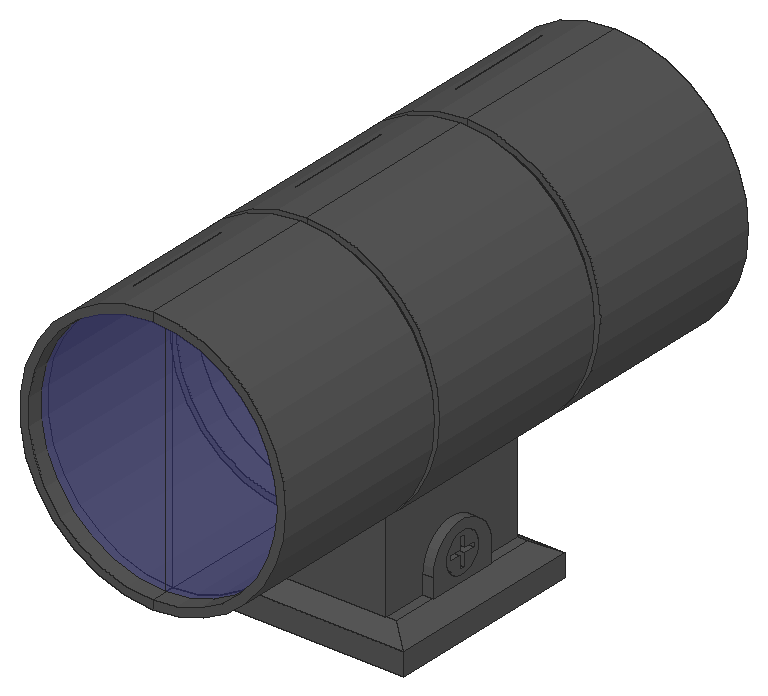
Revit family "CARLO CYLINDER LIGHT WALL MOUNT", category Lighting Fixtures, host Face, Revit 2020 (continued)
Types (10): name | Wattage_Input | Wattage Comments | Wattage | Photometric Web File | built-in parameter 1150142 | Model | built-in parameter 1150105 | Lumens | Light Length 1 | LIGHT RADIUS | LIGHT PLACEMENT | LIGHT LENGTH | LIGHT DIA | built-in parameter 1150106 | FIXED END HEIGHT | Curve base Height | Base Curve | BEAMING ANGLE | Apparent Load
    53 13.325 13.918 14.491 15.078 15.697 16.353 17.056 17.812 18.664 \r\n 19.51 20.071 20.922 22.581 24.941 28.003 31.968 36.099 43.197 56.036 \r\n 73.962 98.4 125.89 152.95 181.09 211.08 241.69 272.07 301.76 330.03 \r\n 356.85 382.56 405.36 423.62 437.25 444.41 448.78 453.66 458.25 463.08 \r\n 467.49 470.72 473.57 476.63 479.76 483.05 486.47 489.92 493.66 497.86 \r\n 502.73 508.42 515.27 523.59 533.58 545.31 559.47 576.41 597.13 622.8 \r\n 653.21 688.89 728.76 771.97 818.32 867.39 918.95 972.57 1028.4 1087 \r\n 1146.9 1207 1266.6 1324.1 1380.9 1438.4 1495.2 1550 1603.4 1655.5 \r\n 1706.4 1756.5 1805.1 1851.1 1896.4 1942.7 1989.2 2036.1 2081.9 2124.8 \r\n 2165.4 2203.8 2239.4 2271.5 2300.6 2327.3 2350.7 2370.1 2385.7 2397.2 \r\n 2405.3 2410.4 2413.5 2415.2 2416.1 2416.9 2417.5 2418.1 2418.5 2418.6 \r\n 2421.2 \r\n2410.7 2420.6 2421.6 2422.4 2423 2423.5 2423.7 2423.6 2422.8 2420.9 \r\n 2417.7 2413.1 2406 2395.1 2380.6 2361.8 2339.4 2314.4 2286 2253.6 \r\n 2218.1 2180.6 2140.5 2097.7 2052.9 2006.5 1959.6 1913.9 1867.7 1820.3 \r\n 1771.3 1720.3 1667.9 1614.8 1560.9 1506.7 1452 1397.2 1341.8 1285.2 \r\n 1228 1170.4 1112.7 1054.9 998.13 943.63 890.92 839.61 790.83 745.43 \r\n 703.96 667.26 635.35 608.92 586.9 568.63 553.54 540.99 530.58 521.71 \r\n 514.32 508.23 503.15 498.8 494.96 491.3 487.86 484.61 481.49 478.41 \r\n 475.45 473.06 470.06 464.82 459.15 455.09 450.43 444.35 434.74 418.35 \r\n 397.72 374.28 348.19 319.73 290 260.42 230.29 198.59 167.74 140.59 \r\n 114.73 86.966 62.387 45.84 34.832 29.376 26.802 24.17 22.298 21.135 \r\n 20.352 19.601 18.885 18.043 17.226 16.565 15.955 15.329 14.709 14.09 \r\n 13.489 12.92 12.382 11.888 11.407 10.9 10.406 9.9626 9.5318 9.0768 \r\n 8.6306 8.2248 7.8261 7.3978 6.981 6.6164 6.2676 5.9042 5.5487 5.219 \r\n 4.8983 4.5677 4.2502 3.9682 3.7039 3.4465 3.1975 2.9523 2.7184 2.5042 \r\n 2.303 2.108 1.9286 1.7726 1.6381 1.5282 1.436 1.3525 1.2867 1.242 \r\n 1.2255 1.2494 1.301 1.376 1.4609 1.5416 1.6149 1.6751 1.7152 1.7239 \r\n 1.709 1.6778 1.6194 1.5165 1.3947 1.2814 1.1588 1.0109 0.85992 0.72608 \r\n 0.59928 0.47249 0.35678 0.26448 0.18481 0.10602 0.043311 0.012812 0 0 \r\n 0 0 0 0 0.000000 0.022067 0.061343 0.11989 0.19901 0.30528 \r\n 0.42486 0.54194 0.66897 0.82383 0.9745 1.0842 1.1851 1.3104 1.4205 1.4773 \r\n 1.5093 1.5392 1.5474 1.5172 1.4678 1.4156 1.3518 1.2647 1.1795 1.1178 \r\n 1.0797 1.0756 1.0969 1.1392 1.2007 1.2784 1.3721 1.4784 1.6036 1.7548 \r\n 1.9259 2.1141 2.3171 2.532 2.7591 2.9965 3.2477 3.5178 3.7998 4.0835 \r\n 4.384 4.723 5.0707 5.3935 5.7251 6.0959 6.4823 6.8653 7.2612 7.6869 \r\n 8.1204 8.5381 8.9618 9.4108 9.87 10.325 10.793 11.291 11.798 12.281 \r\n 12.785 13.36 13.957 14.534 15.125 15.743 16.404 17.137 17.924 18.788 \r\n 19.643 20.188 21.085 22.993 25.621 28.743 32.823 37.38 45.018 58.521 \r\n 76.859 100.78 127.74 155.29 184.01 213.91 244.27 274.6 304.23 332.34 \r\n 358.9 384.11 406.44 424.49 438.04 445.15 449.52 454.52 459.21 463.96 \r\n 468.24 471.43 474.26 477.32 480.46 483.72 487.1 490.51 494.22 498.39 \r\n 503.26 509.02 515.92 524.2 534.16 545.98 560.28 577.46 598.44 624.36 \r\n 655.05 691.15 731.42 774.86 821.44 870.96 922.96 976.83 1032.8 1091.5 \r\n 1151.4 1211.6 1271.3 1328.7 1385.3 1442.5 1499.1 1554.2 1607.9 1659.9 \r\n 1710.5 1760.4 1808.8 1854.5 1899.5 1945.7 1992.3 2039.5 2085.5 2128.1 \r\n 2168.3 2206.7 2242.5 2274.6 2303.5 2329.9 2352.9 2372 2387.4 2398.6 \r\n 2406.5 2411.5 2414.4 2416 2416.7 2417.5 2418.2 2418.7 2419 2419 \r\n 2421.2 \r\n2410.7 2420.7 2421.6 2422.1 2422.5 2422.9 2423.1 2422.9 2422 2420.1 \r\n 2416.8 2412 2404.4 2392.8 2377.4 2357.9 2334.9 2309.1 2280 2247.1 \r\n 2211.2 2173 2132.5 2089.4 2044.5 1998 1951 1905.3 1859.4 1812.2 \r\n 1763.5 1711.7 1658.6 1605.4 1551.6 1497.2 1442.3 1387.4 1331.8 1275 \r\n 1217.6 1159.8 1101.9 1044.3 987.75 933.75 881.58 830.51 782.04 737.36 \r\n 696.76 660.94 629.92 604.31 583.03 565.41 550.87 538.77 528.73 520.24 \r\n 513.15 507.23 502.28 498.08 494.37 490.8 487.42 484.22 481.14 478.08 \r\n 475.11 472.64 469.51 464.1 458.25 454.11 449.14 442.06 431.29 414 \r\n 392.67 368.89 342.54 313.53 283.43 254.2 224.55 192.86 162.14 135.92 \r\n 111.12 84.049 60.156 44.654 34.55 29.349 26.774 24.104 22.174 21.054 \r\n 20.324 19.573 18.842 17.983 17.153 16.5 15.902 15.273 14.649 14.032 \r\n 13.435 12.873 12.341 11.85 11.369 10.861 10.365 9.9187 9.4856 9.0328 \r\n 8.587 8.1719 7.7644 7.3394 6.9271 6.5576 6.2057 5.8539 5.5095 5.174 \r\n 4.8467 4.5245 4.2164 3.9327 3.6656 3.4127 3.1682 2.9207 2.685 2.4764 \r\n 2.2819 2.0889 1.9112 1.7595 1.6303 1.527 1.4399 1.3563 1.2881 1.2412 \r\n 1.2216 1.2403 1.2887 1.3703 1.4595 1.527 1.588 1.658 1.7073 1.6995 \r\n 1.6702 1.6588 1.6175 1.4877 1.341 1.255 1.1602 0.9895 0.81399 0.6993 \r\n 0.59429 0.45529 0.32559 0.24514 0.1803 0.10162 0.036544 0.0092962 0.000016 0 \r\n 0 0 0 0 0 0.021098 0.05957 0.11813 0.19857 0.30987 \r\n 0.43331 0.54642 0.66955 0.82972 0.98455 1.0861 1.178 1.3044 1.4161 1.4662 \r\n 1.4921 1.5249 1.5371 1.5038 1.4502 1.3975 1.334 1.2462 1.162 1.1072 \r\n 1.0751 1.068 1.0851 1.1277 1.1911 1.2713 1.3682 1.4788 1.6079 1.7612 \r\n 1.9338 2.1238 2.3285 2.5441 2.7718 3.01 3.2631 3.5388 3.8261 4.1103 \r\n 4.411 4.7544 5.1069 5.4319 5.7649 6.137 6.524 6.906 7.3013 7.7309 \r\n 8.1673 8.5808 8.9999 9.4502 9.9115 10.366 10.833 11.333 11.841 12.323 \r\n 12.827 13.404 14.005 14.587 15.182 15.8 16.468 17.23 18.048 18.922 \r\n 19.783 20.321 21.267 23.4 26.261 29.405 33.565 38.53 46.701 60.874 \r\n 79.644 103.08 129.56 157.61 186.92 216.77 246.94 277.27 306.87 334.83 \r\n 361.12 385.84 407.68 425.47 438.87 445.92 450.3 455.41 460.19 464.85 \r\n 469.02 472.16 474.96 478.02 481.16 484.39 487.73 491.11 494.79 498.96 \r\n 503.84 509.65 516.61 524.88 534.84 546.74 561.21 578.63 599.9 626.12 \r\n 657.14 693.65 734.33 778.02 824.86 874.84 927.29 981.41 1037.6 1096.3 \r\n 1156.2 1216.5 1276.1 1333.4 1389.9 1446.8 1503.2 1558.6 1612.6 1664.3 \r\n 1714.6 1764.4 1812.8 1858.1 1902.8 1949 1995.6 2043.1 2089.3 2131.5 \r\n 2171.3 2209.8 2245.7 2277.8 2306.6 2332.6 2355.2 2374 2389.1 2400 \r\n 2407.7 2412.6 2415.4 2416.7 2417.3 2418.2 2419 2419.4 2419.6 2419.5 \r\n 2421.2 \r\n2410.7 2420.9 2421.6 2422 2422.1 2422.4 2422.5 2422.3 2421.4 2419.4 \r\n 2415.8 2410.7 2402.8 2390.5 2374.3 2354.1 2330.5 2304.1 2274.4 2240.9 \r\n 2204.6 2165.9 2124.9 2081.4 2036.3 1989.7 1942.7 1897.2 1851.4 1804.4 \r\n 1755.7 1703.5 1649.9 1596.7 1543 1488.3 1433.1 1378.1 1322.4 1265.4 \r\n 1207.7 1149.6 1091.6 1034 977.8 924.16 872.4 821.7 773.71 729.75 \r\n 689.97 654.95 624.72 599.88 579.32 562.32 548.32 536.61 526.91 518.75 \r\n 511.95 506.22 501.4 497.33 493.72 490.21 486.89 483.74 480.69 477.68 \r\n 474.69 472.04 468.72 463.25 457.33 453.11 447.81 439.68 427.73 409.58 \r\n 387.6 363.46 336.86 307.4 276.96 247.8 218.39 186.86 156.44 130.74 \r\n 106.66 80.562 57.742 43.393 34.223 29.299 26.735 24.062 22.101 21.011 \r\n 20.312 19.55 18.798 17.93 17.095 16.444 15.848 15.219 14.595 13.981 \r\n 13.388 12.834 12.309 11.818 11.337 10.83 10.333 9.8838 9.4484 8.9965 \r\n 8.5507 8.1285 7.7146 7.2923 6.8832 6.5084 6.1526 5.8091 5.4727 5.1316 \r\n 4.7985 4.4835 4.1833 3.8973 3.6269 3.3768 3.1356 2.887 2.6506 2.4462 \r\n 2.2566 2.0655 1.8894 1.7412 1.6161 1.5173 1.4338 1.3509 1.2822 1.2345 \r\n 1.2134 1.2288 1.275 1.3605 1.4522 1.5102 1.5626 1.6391 1.6947 1.6764 \r\n 1.6379 1.639 1.6086 1.4625 1.3008 1.2317 1.154 0.96942 0.77882 0.67577 \r\n 0.58419 0.43834 0.30076 0.22767 0.17223 0.094878 0.029891 0.0062022 0.0002714 0 \r\n 0 0 0.000003 0 0.00028023 0.022412 0.06205 0.12102 0.20238 0.31715 \r\n 0.44324 0.55362 0.67416 0.8383 0.99639 1.0927 1.1789 1.3067 1.42 1.4651 \r\n 1.4861 1.5204 1.5348 1.4984 1.4409 1.3877 1.3248 1.2368 1.1537 1.104 \r\n 1.0769 1.0696 1.0856 1.1294 1.1948 1.2767 1.3757 1.4896 1.6221 1.7777 \r\n 1.952 2.1429 2.3484 2.5654 2.7945 3.0332 3.2876 3.5678 3.8594 4.1435 \r\n 4.444 4.7908 5.1472 5.4739 5.8079 6.1815 6.57 6.953 7.3495 7.781 \r\n 8.2191 8.6326 9.0517 9.5025 9.9649 10.421 10.89 11.39 11.899 12.381 \r\n 12.886 13.464 14.067 14.652 15.252 15.872 16.547 17.329 18.168 19.049 \r\n 19.919 20.47 21.457 23.716 26.694 29.803 33.982 39.226 47.774 62.41 \r\n 81.498 104.68 130.9 159.25 188.92 218.79 248.92 279.34 308.99 336.82 \r\n 362.88 387.27 408.77 426.35 439.61 446.61 451 456.19 461.03 465.65 \r\n 469.74 472.84 475.63 478.68 481.81 485.01 488.33 491.69 495.38 499.54 \r\n 504.42 510.27 517.27 525.56 535.57 547.54 562.11 579.72 601.23 627.75 \r\n 659.09 695.89 736.83 780.74 827.83 878.19 931 985.34 1041.6 1100.4 \r\n 1160.3 1220.5 1280.1 1337.3 1393.5 1450.2 1506.5 1561.9 1616 1667.7 \r\n 1717.9 1767.7 1815.9 1861 1905.5 1951.7 1998.3 2046 2092.2 2134.2 \r\n 2173.8 2212.3 2248.2 2280.3 2309.1 2334.9 2357.3 2375.8 2390.6 2401.3 \r\n 2408.8 2413.6 2416.3 2417.5 2418 2418.9 2419.7 2420.1 2420.2 2419.9 \r\n 2421.2 \r\n2410.7 2421 2421.7 2422 2422 2422.1 2422 2421.8 2420.9 2418.7 \r\n 2414.9 2409.5 2401 2388.2 2371.4 2350.6 2326.4 2299.3 2269 2235.1 \r\n 2198.2 2159.1 2117.7 2073.8 2028.3 1981.7 1934.9 1889.5 1843.9 1796.9 \r\n 1748 1695.7 1642.1 1588.8 1535 1480 1424.6 1369.4 1313.7 1256.3 \r\n 1198.3 1139.9 1081.7 1024.3 968.4 914.95 863.47 813.28 765.93 722.7 \r\n 683.69 649.35 619.79 595.68 575.81 559.41 545.91 534.54 525.1 517.26 \r\n 510.74 505.2 500.51 496.53 492.98 489.53 486.25 483.14 480.12 477.18 \r\n 474.18 471.26 467.66 462.24 456.39 452.1 446.43 437.25 424.11 405.13 \r\n 382.52 358.04 331.19 301.39 270.64 241.25 211.78 180.62 150.65 125.03 \r\n 101.29 76.428 55.083 42.009 33.817 29.199 26.666 24.035 22.076 21.006 \r\n 20.315 19.529 18.752 17.882 17.051 16.394 15.794 15.166 14.546 13.936 \r\n 13.348 12.803 12.285 11.794 11.31 10.804 10.308 9.8579 9.4204 8.9681 \r\n 8.5214 8.0953 7.678 7.2576 6.85 6.47 6.1095 5.7704 5.4384 5.0921 \r\n 4.7542 4.445 4.1509 3.862 3.5876 3.3385 3.0992 2.851 2.6152 2.4133 \r\n 2.2264 2.0371 1.8628 1.7171 1.5946 1.498 1.4163 1.3352 1.2679 1.2212 \r\n 1.2005 1.215 1.2601 1.3469 1.4388 1.4919 1.5398 1.6188 1.6773 1.6555 \r\n 1.6139 1.6189 1.5923 1.4419 1.2762 1.212 1.1394 0.95093 0.75604 0.65602 \r\n 0.5683 0.42173 0.28322 0.21237 0.16005 0.085405 0.023276 0.0032313 0.00025176 0 \r\n 0 0 0.000010 0 0.001064 0.026366 0.069245 0.12912 0.21091 0.32724 \r\n 0.45445 0.56363 0.68319 0.8496 1.0098 1.1044 1.1887 1.3182 1.4328 1.4749 \r\n 1.4925 1.5268 1.5409 1.5011 1.4401 1.3869 1.3252 1.2377 1.1557 1.1092 \r\n 1.0857 1.0813 1.0999 1.1462 1.2135 1.2962 1.396 1.512 1.6471 1.8053 \r\n 1.9816 2.1723 2.3775 2.5967 2.8282 3.067 3.3218 3.6052 3.8999 4.1835 \r\n 4.4833 4.8323 5.1912 5.5189 5.8539 6.2291 6.6198 7.0064 7.4059 7.8372 \r\n 8.2755 8.6941 9.1181 9.5688 10.031 10.492 10.964 11.465 11.973 12.457 \r\n 12.962 13.54 14.143 14.73 15.333 15.959 16.641 17.433 18.282 19.167 \r\n 20.048 20.634 21.653 23.924 26.887 29.906 34.034 39.407 48.151 63.004 \r\n 82.268 105.47 131.68 160.09 189.85 219.82 250.07 280.68 310.46 338.19 \r\n 364.07 388.3 409.65 427.08 440.23 447.21 451.63 456.84 461.71 466.32 \r\n 470.41 473.48 476.24 479.27 482.38 485.57 488.88 492.26 495.95 500.13 \r\n 505.03 510.86 517.87 526.24 536.34 548.34 562.96 580.68 602.37 629.19 \r\n 660.82 697.74 738.79 782.9 830.23 880.86 933.92 988.43 1044.8 1103.6 \r\n 1163.4 1223.6 1283 1339.9 1395.9 1452.5 1508.7 1564 1618.1 1669.9 \r\n 1720.2 1769.9 1818 1863.1 1907.6 1953.7 2000.4 2048 2094.1 2136.1 \r\n 2175.7 2214.2 2250.1 2282.1 2310.9 2336.6 2358.9 2377.3 2391.9 2402.5 \r\n 2409.8 2414.5 2417.2 2418.3 2418.7 2419.6 2420.4 2420.7 2420.7 2420.4 \r\n 2421.2 \r\n2410.7 2421.2 2421.8 2422 2422.1 2422 2421.6 2421.4 2420.4 2418.1 \r\n 2414.1 2408.1 2399.2 2385.9 2368.6 2347.2 2322.3 2294.7 2263.8 2229.3 \r\n 2192.1 2152.5 2110.7 2066.3 2020.4 1973.9 1927.2 1882.1 1836.5 1789.3 \r\n 1740.3 1688.1 1634.6 1581.3 1527.3 1472 1416.2 1361 1305.2 1247.5 \r\n 1189 1130.3 1072 1014.8 959.21 905.84 854.54 804.96 758.37 715.91 \r\n 677.63 643.93 614.99 591.56 572.37 556.57 543.57 532.49 523.29 515.75 \r\n 509.51 504.16 499.61 495.69 492.18 488.78 485.55 482.47 479.48 476.62 \r\n 473.61 470.33 466.41 461.12 455.42 451.06 444.98 434.68 420.32 400.53 \r\n 377.33 352.5 325.41 295.32 264.28 234.46 204.77 174.1 144.69 118.89 \r\n 95.238 71.904 52.383 40.661 33.444 29.136 26.631 24.052 22.105 21.039 \r\n 20.337 19.519 18.71 17.844 17.022 16.354 15.742 15.118 14.504 13.898 \r\n 13.316 12.78 12.27 11.777 11.29 10.786 10.293 9.8408 9.4007 8.9473 \r\n 8.4993 8.07 7.6502 7.2315 6.825 6.4388 6.0726 5.736 5.4067 5.0548 \r\n 4.712 4.4081 4.1195 3.8271 3.5478 3.2986 3.0607 2.8134 2.5789 2.3785 \r\n 2.1934 2.0057 1.8332 1.6896 1.5689 1.4729 1.3921 1.3133 1.2486 1.2038 \r\n 1.1843 1.1985 1.2428 1.3288 1.4195 1.4701 1.516 1.5955 1.6552 1.634 \r\n 1.5927 1.5971 1.5705 1.4229 1.26 1.1941 1.1196 0.93307 0.7402 0.63828 \r\n 0.5489 0.40516 0.2698 0.1983 0.1456 0.074561 0.016956 0.00055482 0.00020748 0 \r\n 0 0 0.000019 0 0.0021455 0.032076 0.079611 0.14062 0.22257 0.33977 \r\n 0.46758 0.57617 0.69539 0.86353 1.0255 1.12 1.2042 1.336 1.4522 1.4921 \r\n 1.5068 1.5404 1.5534 1.5091 1.4438 1.3915 1.3318 1.2451 1.1642 1.1199 \r\n 1.0995 1.0997 1.1229 1.172 1.2412 1.3242 1.4243 1.542 1.6793 1.8406 \r\n 2.0193 2.2089 2.4131 2.6352 2.8698 3.1085 3.3631 3.6495 3.9468 4.2295 \r\n 4.5281 4.8788 5.2399 5.5683 5.9041 6.2811 6.6746 7.0662 7.47 7.8996 \r\n 8.3372 8.7639 9.196 9.6459 10.107 10.574 11.053 11.553 12.059 12.545 \r\n 13.053 13.629 14.231 14.819 15.426 16.059 16.749 17.546 18.399 19.287 \r\n 20.178 20.813 21.862 24.078 26.946 29.826 33.854 39.275 48.125 63.08 \r\n 82.464 105.83 132.16 160.53 190.26 220.39 250.86 281.74 311.71 339.36 \r\n 365.09 389.24 410.51 427.79 440.81 447.79 452.24 457.44 462.31 466.95 \r\n 471.06 474.11 476.83 479.84 482.93 486.11 489.41 492.82 496.55 500.75 \r\n 505.65 511.46 518.47 526.96 537.18 549.21 563.85 581.65 603.5 630.64 \r\n 662.59 699.56 740.63 784.94 832.51 883.37 936.64 991.3 1047.8 1106.5 \r\n 1166.3 1226.3 1285.5 1342.1 1397.8 1454.3 1510.4 1565.6 1619.5 1671.5 \r\n 1722.1 1771.8 1819.8 1864.9 1909.4 1955.5 2002.2 2049.6 2095.7 2137.7 \r\n 2177.4 2215.8 2251.6 2283.6 2312.4 2338.2 2360.5 2378.7 2393.1 2403.5 \r\n 2410.8 2415.4 2418 2419.1 2419.4 2420.4 2421.2 2421.3 2421.2 2420.8 \r\n 2421.2 \r\n2410.7 2421.5 2422 2422.2 2422.3 2421.9 2421.3 2421 2420 2417.6 \r\n 2413.3 2406.8 2397.3 2383.5 2365.9 2343.9 2318.4 2290.1 2258.7 2223.8 \r\n 2186 2146.2 2104 2059 2012.7 1966.1 1919.7 1874.8 1829.3 1781.8 \r\n 1732.5 1680.6 1627.4 1574.1 1519.9 1464.2 1408.1 1353 1297.1 1239 \r\n 1180 1120.9 1062.4 1005.5 950.23 896.83 845.62 796.74 751.04 709.35 \r\n 671.8 638.68 610.3 587.54 569.01 553.81 541.29 530.48 521.47 514.22 \r\n 508.26 503.11 498.7 494.83 491.33 487.97 484.78 481.72 478.76 476 \r\n 472.98 469.27 464.96 459.87 454.42 449.98 443.46 431.99 416.35 395.76 \r\n 372.01 346.85 319.53 289.2 257.87 227.43 197.35 167.31 138.57 112.3 \r\n 88.522 66.989 49.643 39.348 33.104 29.11 26.629 24.115 22.185 21.111 \r\n 20.378 19.518 18.674 17.816 17.007 16.322 15.693 15.073 14.47 13.869 \r\n 13.292 12.766 12.264 11.768 11.277 10.776 10.286 9.8324 9.3893 8.9341 \r\n 8.4845 8.0527 7.6312 7.2141 6.808 6.415 6.0419 5.7059 5.3775 5.0197 \r\n 4.6721 4.3728 4.0891 3.7924 3.5076 3.2573 3.0199 2.7744 2.5418 2.342 \r\n 2.1573 1.9714 1.8008 1.6587 1.5389 1.4422 1.3611 1.2852 1.2241 1.1822 \r\n 1.1647 1.1794 1.2229 1.3063 1.3945 1.4449 1.491 1.5691 1.6285 1.6119 \r\n 1.5744 1.5737 1.5434 1.4058 1.2521 1.1778 1.0944 0.91585 0.73129 0.62254 \r\n 0.52599 0.38864 0.2605 0.18546 0.12887 0.062347 0.010932 0 0.00013856 0 \r\n 0 0 0.000031 0 0.0035248 0.039541 0.093149 0.15554 0.23738 0.35475 \r\n 0.48262 0.59122 0.71077 0.88008 1.0436 1.1396 1.2255 1.3601 1.4782 1.5167 \r\n 1.529 1.5612 1.5721 1.5225 1.4521 1.4012 1.3446 1.259 1.1792 1.136 \r\n 1.1181 1.1247 1.1544 1.207 1.2778 1.3607 1.4605 1.5794 1.7187 1.8835 \r\n 2.0648 2.2527 2.4553 2.681 2.9193 3.1576 3.4115 3.7004 4.0001 4.2814 \r\n 4.5785 4.9303 5.2931 5.622 5.9586 6.3376 6.7344 7.1326 7.5417 7.9684 \r\n 8.4043 8.842 9.2853 9.7339 10.193 10.668 11.155 11.654 12.157 12.647 \r\n 13.157 13.731 14.33 14.92 15.53 16.173 16.871 17.667 18.52 19.406 \r\n 20.308 21.009 22.084 24.177 26.87 29.564 33.441 38.829 47.695 62.64 \r\n 82.088 105.77 132.37 160.58 190.15 220.5 251.31 282.52 312.74 340.33 \r\n 365.92 390.09 411.36 428.49 441.36 448.34 452.82 458 462.84 467.53 \r\n 471.68 474.72 477.41 480.38 483.45 486.62 489.93 493.37 497.15 501.38 \r\n 506.31 512.07 519.06 527.71 538.1 550.13 564.77 582.63 604.62 632.12 \r\n 664.38 701.32 742.3
